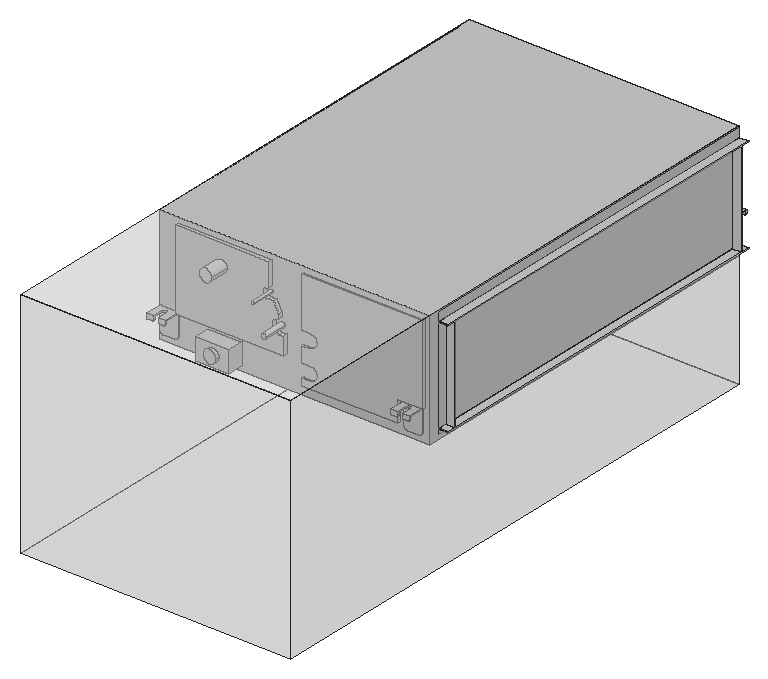
Revit family "outputfile", category 機械設備, Revit 2024
Family settings
  丸型コネクタ寸法 = 半径を使用
  パーツ タイプ = 標準
  OmniClass 番号 = 23.75.10.24.21.27.27
  OmniClass タイトル = Split System Air Conditioning Units
  作業面ベース = いいえ
  常に垂直 = はい
  ロード時にボイドで切り取り = いいえ
  注釈の向きを維持 = いいえ
  共有 = いいえ
  部屋計算ポイント = はい
Parameters (values of type "FXMQ50PBV1")
  製造元 = "Daikin"
  書き出し IFC クラス(タイプ) = "IfcUnitaryEquipmentType"
  定義済み IFC タイプ(タイプ) = "AIRCONDITIONINGUNIT"
  モデル = "FXMQ50PBV1"
  r_Liquid Pipe Size = Liquid Pipe Size / 2  # 3.2 mm
  r_Gas Pipe Size = Gas Pipe Size / 2  # 6.35 mm
  r_Drain Pipe Size = Drain Pipe Size / 2  # 16.0 mm
  lw_power = 396.0 mm  # constant formula
  lh_SA = 165.0 mm  # constant formula
  lw_SA = if(Depth = 550.0 mm, 210.0 mm, if(Depth = 700.0 mm, 285.0 mm, if(Depth = 1000.0 mm, 435.0 mm, 635.0 mm)))  # 435.0 mm
  lw_RA = if(Depth = 550.0 mm, 288.0 mm, if(Depth = 700.0 mm, 363.0 mm, if(Depth = 1000.0 mm, 513.0 mm, 713.0 mm)))  # 513.0 mm
  lh_power = 60.0 mm + [h***]  # 60.0 mm
  lh_mountinghole1 = lh_mountinghole + [h***]  # 80.0 mm
  lh_RA = 150.0 mm  # constant formula
  ld_power = Depth / 2  # 500.0 mm
  Voltage_comment_60Hz = "220-240"
  Voltage_comment_50Hz = "220-240"
  Voltage_60Hz = 220 V
  Voltage_50Hz = 220 V
  Supply Air Direction [instance] = yes
  Phase_60Hz = 1
  Phase_50Hz = 1
  Minimum External Static Pressure = 50.00 Pa
  Minimum Circuit Amps_60Hz = 1.6 A
  Minimum Circuit Amps_50Hz = 1.6 A
  Maximum Fuse Amps_60Hz = 16.0 A
  Maximum Fuse Amps_50Hz = 16.0 A
  Maximum External Static Pressure = 200.00 Pa
  Material_Casing = DAIKIN_GalvanizedSteel_Casing_indoorunit
  lw_mountinghole = 631.0 mm  # constant formula
  lh_gaspipe = 144.0 mm + [h***]  # 144.0 mm
  lh_mountinghole = 80.0 mm  # constant formula
  lh_liquidpipe = 212.0 mm + [h***]  # 212.0 mm
  lh_drainpipe = 232.0 mm + [h***]  # 232.0 mm
  lh_antena = Height - lh_mountinghole + 1.0 mm  # 221.0 mm
  ld_drainpipe = Depth / 2 + 59.0 mm  # 559.0 mm
  ld_liquidpipe = 560.0 mm
  ld_gaspipe = 560.0 mm
  ld_mountinghole = Depth + 38.0 mm  # 1038.0 mm
  h*** = 0.0 mm  # constant formula
  lw_liquidpipe = 290.0 mm  # constant formula
  lw_gaspipe = 318.0 mm  # constant formula
  lw_drainpipe = 167.0 mm  # constant formula
  Width = 700.0 mm
  Version = "ver.1.0"
  Unit Type = "Duct_M.S.P."
  Unit Mass Weight = 35.00 kg
  Unit Designation [instance] = ""
  Uniclass2015Version = "Products v1.30"
  Uniclass2015Title = "Variable refrigerant flow units"
  Uniclass2015Code = "Pr_70_65_03_94"
  Total Heating Capacity [instance] = 0.000 kW
  Total Cooling Capacity [instance] = 0.000 kW
  Sound Pressure Level_L speed (dBA) = 37
  Sound Pressure Level_H speed (dBA) = 39
  Series = "VRV Fan Coil Unit"
  Sensible Cooling Capacity [instance] = 0.000 kW
  SA Duct Size Width = if(Depth = 550.0 mm, 310.0 mm, if(Depth = 700.0 mm, 460.0 mm, if(Depth = 1000.0 mm, 760.0 mm, 1160.0 mm)))  # 760.0 mm
  SA Duct Size Height = 215.0 mm
  Refrigerant Type = "R410A"
  RA Duct Size Width = if(Depth = 550.0 mm, 475.0 mm, if(Depth = 700.0 mm, 625.0 mm, if(Depth = 1000.0 mm, 925.0 mm, 1325.0 mm)))  # 925.0 mm
  RA Duct Size Height = 247.0 mm
  Power Input (Heating) = 0.116 kW
  Power Input (Cooling) = 0.128 kW
  Option Accessory 3 [instance] = ""
  Option Accessory 2 [instance] = ""
  Option Accessory 1 [instance] = ""
  Nominal Heating Capacity = 6.300 kW
  Nominal Cooling Capacity = 5.600 kW
  Minimum Airflow = 900.00 m³/h
  Median Airflow = 0.00 m³/h
  Maximum Airflow = 990.00 m³/h
  Load Classification = HVAC
  Liquid Pipe Size = 6.4 mm
  Link_Nested Family [instance] = ""
  IfcVersion = ""
  IfcExportType = "AIRCONDITIONINGUNIT"
  IfcExportAs = "IfcUnitaryEquipmentType"
  Height = 300.0 mm
  Heating Entering Wet Bulb Temperature [instance] = 0.00 °C
  Heating Entering Dry Bulb Temperature [instance] = 0.00 °C
  Heating Ambient Wet Bulb Temperature [instance] = 0.00 °C
  Heating Ambient Dry Bulb Temperature [instance] = 0.00 °C
  Heat Exchanger Type = "Cross Fin Coil"
  Gas Pipe Size = 12.7 mm
  Frequency_60Hz = 60 Hz
  Frequency_50Hz = 50 Hz
  Fan Type = "Sirocco Fan"
  Fan Drive = "Direct Drive"
  FCU Tag No. [instance] = ""
  Drain Pipe Size = 32.0 mm
  Design Supply Airflow [instance] = 0.00 m³/h
  Design Return Airflow [instance] = 0.00 m³/h
  Design External Static Pressure [instance] = 0.00 Pa
  Depth = 1000.0 mm
  既定の高さ = 0.0 mm
  Cooling Entering Wet Bulb Temperature [instance] = 0.00 °C
  Cooling Entering Dry Bulb Temperature [instance] = 0.00 °C
  Cooling Ambient Wet Bulb Temperature [instance] = 0.00 °C
  Cooling Ambient Dry Bulb Temperature [instance] = 0.00 °C
  Clearance visibility [instance] = yes
  Clearance Top = 0.0 mm
  Clearance Right = 0.0 mm
  Clearance Rear = 0.0 mm
  Clearance Left = 0.0 mm
  Clearance Front = 450.0 mm
  Clearance Bottom = 300.0 mm
Reference planes
  plane 1 "Center (Front/Back)": y = 0
  plane 2 "h": z = 0
  plane 3 "Center (Left/Right)": x = 0
  plane 4 "Back": y = 500
  plane 5 "Front": y = -500
  plane 6 "Left": x = -350
  plane 7 "Reight": x = 350
  plane 8 "Top": z = 0
  plane 9 "Bottom": z = -300
  plane 10: y = -215
  plane 11: y = 500
  plane 12: y = -950
  plane 13: x = -350
  plane 14: x = 350
  plane 15: z = 0
  plane 16: z = -600
  plane 17: x = -350
  plane 18: z = -135
  plane 19: x = -349
  plane 20: x = 349
  plane 21: y = 65
  plane 22: y = 13
  plane 23: z = -150
  plane 24: y = -510.8
  plane 25: z = -14
  plane 26: z = -219
  plane 27: x = -60
  plane 28: x = -20
  plane 29: z = -156
  plane 30: x = -32
  plane 31: z = -88
  plane 32: x = 23
  plane 33: x = 335
  plane 34: z = -15.8
  plane 35: z = -274.8
  plane 36: z = -219.8
  plane 37: x = 271
  plane 38: x = -223.3
  plane 39: x = -138.3
  plane 40: z = -232.7
  plane 41: z = -288.5
  plane 42: y = -541
  plane 43: x = -181
  plane 44: z = -260
  plane 45: y = -549
  plane 46: z = -163.8
  plane 47: z = -239.8
  plane 48: x = 46
  plane 49: z = -88
  plane 50: x = -60
  plane 51: y = -560
  plane 52: z = -156
  plane 53: x = -32
  plane 54: y = -559
  plane 55: z = -68
  plane 56: x = -183
  plane 57: x = -183
  plane 58: x = -60
  plane 59: x = -32
  plane 60: x = 46
  plane 61: x = -323
  plane 62: x = 308
  plane 63: y = -519
  plane 64: y = 519
  plane 65: z = -220
  plane 66: y = -506
  plane 67: x = -298.5
  plane 68: x = -374
  plane 69: x = 374
Forms (mm)
  Extrusion 1, solid, material "DAIKIN_GalvanizedSteel_Casing_indoorunit" <- "Material_Casing"
    sketch origin (0, 0, 0) x (1, 0, 0) y (0, 1, 0)
      loop
        line (-349, 500) -> (-349, -500) -> (349, -500) -> (349, 500) -> (-349, 500)
    from -300 to 0
  Extrusion 2, solid, material "DAIKIN_GalvanizedSteel_Casing_indoorunit" <- "Material_Casing"
    sketch origin (0, 0, 0) x (1, 0, 0) y (0, 0, 1)
      loop
        line (-298.5, -219) -> (-20, -219) -> (-20, -173.5) -> (-32, -173.5)
        arc (-32, -173.5) -> (-49.471, -157.002) -> (-34, -138.615) r 17.5
        line (-34, -138.615) -> (-34, -127.5) -> (-47, -101) -> (-60, -101)
        arc (-60, -101) -> (-73, -88) -> (-60, -75) r 13
        line (-60, -75) -> (-60, -14) -> (-298.5, -14) -> (-298.5, -219)
    from 500 to 510.8
  Extrusion 3, solid, material "DAIKIN_GalvanizedSteel_Casing_indoorunit" <- "Material_Casing"
    sketch origin (0, 0, 0) x (1, 0, 0) y (0, 0, 1)
      loop
        line (23, -274.8) -> (271, -274.8) -> (271, -219.8) -> (335, -219.8) -> (335, -15.8) -> (23, -15.8) -> (23, -146.3) -> (46, -146.3)
        arc (46, -146.3) -> (63.5, -163.8) -> (46, -181.3) r 17.5
        line (46, -181.3) -> (23, -181.3) -> (23, -222.3) -> (46, -222.3)
        arc (46, -222.3) -> (63.5, -239.8) -> (46, -257.3) r 17.5
        line (46, -257.3) -> (23, -257.3) -> (23, -274.8)
    from 500 to 506
  Extrusion 4, solid, material "DAIKIN_GalvanizedSteel_Casing_indoorunit" <- "Material_Casing"
    sketch origin (0, 0, 0) x (1, 0, 0) y (0, 0, 1)
      loop
        line (-223.3, -232.7) -> (-223.3, -288.5) -> (-138.3, -288.5) -> (-138.3, -232.7) -> (-223.3, -232.7)
    from 500 to 541
  Extrusion 5, solid, material "DAIKIN_GalvanizedSteel_Casing_indoorunit" <- "Material_Casing"
    sketch origin (0, 0, 0) x (1, 0, 0) y (0, 0, 1)
      loop
        circle (-181, -260) r 16.5
    from 541 to 549
  Extrusion 6, solid
    sketch origin (0, 0, 0) x (1, 0, 0) y (0, 0, 1)
      loop
        circle (-60, -88) r 3.2
    from 500 to 560
  Extrusion 7, solid
    sketch origin (0, 0, 0) x (1, 0, 0) y (0, 0, 1)
      loop
        circle (-32, -156) r 6.35
    from 500 to 560
  Extrusion 8, solid
    sketch origin (0, 0, 0) x (1, 0, 0) y (0, 0, 1)
      loop
        circle (-183, -68) r 16
    from 510.8 to 559
Dimensions and locks
  "Height": plane 8 "Top" to plane 9 "Bottom"
  equal spacing: plane 4 "Back", plane 1 "Center (Front/Back)", plane 5 "Front"
  "Depth": plane 4 "Back" to plane 5 "Front"
  equal spacing: plane 6 "Left", plane 3 "Center (Left/Right)", plane 7 "Reight"
  "Width": plane 6 "Left" to plane 7 "Reight"
  "Clearance Left": plane 13 to plane 6 "Left"
  "Clearance Right": plane 7 "Reight" to plane 14
  "Clearance Rear": plane 11 to plane 4 "Back"
  "Clearance Front": plane 5 "Front" to plane 12
  "Clearance Top": plane 15 to plane 8 "Top"
  "Clearance Bottom": plane 9 "Bottom" to plane 16
  "lh_SA": plane 18 to plane 9 "Bottom"
  locked: plane 17 to plane 19 at 1
  "lw_SA": plane 4 "Back" to plane 21
  "lw_RA": plane 22 to plane 5 "Front"
  "lh_RA": plane 23 to plane 9 "Bottom"
  locked: plane 5 "Front" to plane 24 at 10.8
  plane 30 to plane 27 to plane 6 "Left" = 28.0 mm locked, 290.0 mm locked
  plane 33 to plane 32 to plane 6 "Left" = 312.0 mm locked, 373.0 mm locked
  locked: plane 33 to plane 37 at 64
  locked: plane 36 to plane 35 at 55
  plane 39 to plane 38 to plane 6 "Left" = 85.0 mm locked, 126.7 mm locked
  locked: plane 5 "Front" to plane 42 at 41
  locked: plane 43 to plane 6 "Left" at 169
  locked: plane 42 to plane 45 at 8
  plane 46 to plane 47 to plane 35 = 76.0 mm locked, 35.0 mm locked
  locked: plane 48 to plane 32 at 23
  "lw_liquidpipe": plane 50 to plane 6 "Left"
  "lh_liquidpipe": plane 49 to plane 9 "Bottom"
  "lh_gaspipe": plane 52 to plane 9 "Bottom"
  "lw_gaspipe": plane 53 to plane 6 "Left"
  "ld_gaspipe": plane 51 to plane 1 "Center (Front/Back)"
  "ld_drainpipe": plane 54 to plane 1 "Center (Front/Back)"
  "lh_drainpipe": plane 55 to plane 9 "Bottom"
  "lw_drainpipe": plane 56 to plane 6 "Left"
  "lw_drainpipe": plane 6 "Left" to plane 57
  "lw_liquidpipe": plane 6 "Left" to plane 58
  "lw_gaspipe": plane 6 "Left" to plane 59
  "lw_power": plane 6 "Left" to plane 60
  plane 17 to plane 61 = 27.0 mm
  "lw_mountinghole": plane 61 to plane 62
  equal spacing: plane 63, plane 1 "Center (Front/Back)", plane 64
  "ld_mountinghole": plane 64 to plane 63
  "lh_mountinghole": plane 65 to plane 9 "Bottom"
  plane 8 "Top" to plane 40 to plane 41 = 232.7 mm locked, 55.8 mm locked
  locked: plane 8 "Top" to plane 44 at 260
  plane 8 "Top" to plane 25 to plane 26 = 14.0 mm locked, 205.0 mm locked
  plane 8 "Top" to plane 31 to plane 29 = 88.0 mm locked, 68.0 mm locked
  plane 8 "Top" to plane 34 to plane 35 = 15.8 mm locked, 259.0 mm locked
  locked: plane 5 "Front" to plane 66 at 6
  locked: plane 68 to plane 6 "Left" at 24
  locked: plane 7 "Reight" to plane 69 at 24
  locked: plane 67 to plane 13 at 51.5
  locked: plane 28 to plane 30 at 12
  locked: Extrusion 2 sketch curve to plane 27 at 26
  plane 5 "Front" to plane 51 = 60.0 mm
  plane 5 "Front" to plane 54 = 59.0 mm
  locked: plane 20 to plane 7 "Reight" at 1
  "r_Liquid Pipe Size": radius of Extrusion 6 sketch curve
  "r_Gas Pipe Size": radius of Extrusion 7 sketch curve
  "r_Drain Pipe Size": radius of Extrusion 8 sketch curve
  aligned and locked: level to plane 2 "h"
  aligned and locked: plane 8 "Top" to Extrusion 1
  aligned and locked: Extrusion 1 to plane 9 "Bottom"
  aligned and locked: nested 5 to plane 12
  aligned and locked: plane 13 to nested 5
  aligned and locked: plane 14 to nested 5
  aligned and locked: nested 5 to plane 13
  aligned and locked: plane 11 to nested 5
  aligned and locked: plane 15 to nested 5
  aligned and locked: plane 16 to nested 5
  aligned and locked: plane 5 "Front" to Extrusion 1 sketch curve
  aligned and locked: Extrusion 1 to plane 19
  aligned and locked: plane 20 to Extrusion 1
  aligned and locked: nested 7 to plane 19
  aligned and locked: nested 7 to plane 21
  aligned and locked: plane 18 to nested 7
  aligned and locked: plane 20 to nested 8
  aligned and locked: plane 22 to nested 8
  aligned and locked: plane 23 to nested 8
  aligned and locked: Extrusion 2 to plane 24
  aligned and locked: plane 5 "Front" to Extrusion 2
  aligned and locked: plane 35 to Extrusion 3 sketch curve
  aligned and locked: plane 37 to Extrusion 3 sketch curve
  aligned and locked: plane 36 to Extrusion 3 sketch curve
  aligned and locked: Extrusion 3 sketch curve to plane 33
  aligned and locked: Extrusion 3 sketch curve to plane 34
  aligned and locked: Extrusion 3 sketch curve to plane 32
  aligned and locked: plane 5 "Front" to Extrusion 3
  aligned and locked: Extrusion 4 sketch curve to plane 40
  aligned and locked: Extrusion 4 sketch curve to plane 38
  aligned and locked: plane 41 to Extrusion 4 sketch curve
  aligned and locked: plane 39 to Extrusion 4 sketch curve
  aligned and locked: Extrusion 4 to plane 42
  aligned and locked: plane 5 "Front" to Extrusion 4
  aligned and locked: Extrusion 5 sketch curve to plane 43
  aligned and locked: plane 44 to Extrusion 5 sketch curve
  aligned and locked: Extrusion 5 to plane 45
  aligned and locked: plane 42 to Extrusion 5
  aligned and locked: Extrusion 6 sketch curve to plane 50
  aligned and locked: plane 49 to Extrusion 6 sketch curve
  aligned and locked: Extrusion 6 to plane 51
  aligned and locked: plane 5 "Front" to Extrusion 6
  aligned and locked: Extrusion 7 sketch curve to plane 53
  aligned and locked: plane 52 to Extrusion 7 sketch curve
  aligned and locked: Extrusion 7 to Extrusion 6
  aligned and locked: plane 5 "Front" to Extrusion 7
  aligned and locked: Extrusion 8 sketch curve to plane 56
  aligned and locked: Extrusion 8 sketch curve to plane 55
  aligned and locked: Extrusion 8 to plane 54
  aligned and locked: plane 24 to Extrusion 8
  aligned and locked: nested 3 to plane 54
  aligned and locked: plane 57 to nested 3
  aligned and locked: plane 58 to nested 2
  aligned and locked: nested 2 to plane 51
  aligned and locked: nested 1 to plane 59
  aligned and locked: Extrusion 7 to plane 51
  aligned and locked: nested 1 to plane 51
  aligned and locked: nested 6 to plane 5 "Front"
  aligned and locked: nested 6 to plane 60
  aligned and locked: plane 61 to nested 10
  aligned and locked: nested 10 to plane 5 "Front"
  aligned and locked: plane 62 to nested 9
  aligned and locked: nested 9 to plane 5 "Front"
  aligned and locked: nested 11 to plane 61
  aligned and locked: plane 4 "Back" to nested 11
  aligned and locked: nested 12 to plane 62
  aligned and locked: plane 4 "Back" to nested 12
  aligned and locked: plane 65 to nested 10
  aligned and locked: plane 65 to nested 11
  aligned and locked: plane 65 to nested 9
  aligned and locked: plane 65 to nested 12
  aligned and locked: plane 61 to nested 14
  aligned and locked: nested 14 to plane 64
  aligned and locked: plane 62 to nested 13
  aligned and locked: nested 13 to plane 64
  aligned and locked: plane 62 to nested 16
  aligned and locked: plane 63 to nested 16
  aligned and locked: plane 63 to nested 15
  aligned and locked: plane 61 to nested 15
  aligned and locked: Extrusion 3 to plane 66
  aligned and locked: plane 67 to Extrusion 2 sketch curve
  aligned and locked: nested 17 to plane 21
  aligned and locked: nested 17 to plane 68
  aligned and locked: plane 18 to nested 17
  aligned and locked: plane 22 to nested 18
  aligned and locked: plane 69 to nested 18
  aligned and locked: nested 18 to plane 23
  aligned and locked: nested 4 to plane 3 "Center (Left/Right)"
  aligned and locked: plane 1 "Center (Front/Back)" to nested 4
  aligned and locked: level to plane 8 "Top"
  aligned and locked: Extrusion 2 sketch curve to plane 28
  aligned and locked: Extrusion 2 sketch curve to plane 26
Automatic sketch dimensions
  plane 6 "Left" to Extrusion 1 sketch curve = 1.0 mm
  Extrusion 1 sketch curve to plane 7 "Reight" = 1.0 mm
  Extrusion 1 sketch curve to plane 4 "Back" = 0.0 mm
  Extrusion 3 sketch curve to plane 32 = 0.0 mm  (x2)
  Extrusion 3 sketch curve to plane 46 = 0.0 mm
  Extrusion 3 sketch curve to plane 48 = 0.0 mm  (x2)
  Extrusion 3 sketch curve to plane 47 = 0.0 mm
  Extrusion 3 sketch curve to plane 36 = 2.5 mm
  plane 23 to Extrusion 3 sketch curve = 3.7 mm
  Extrusion 2 sketch curve to plane 25 = 0.0 mm
  plane 27 to Extrusion 2 sketch curve = 0.0 mm
  Extrusion 2 sketch curve to plane 30 = 0.0 mm
  Extrusion 2 sketch curve to plane 29 = 0.0 mm
  Extrusion 2 sketch curve to plane 31 = 0.0 mm
  Extrusion 2 sketch curve to Extrusion 2 sketch curve = 13.0 mm
  Extrusion 2 sketch curve to plane 29 = 17.5 mm
  Extrusion 2 sketch curve to plane 31 = 13.0 mm
  plane 18 to Extrusion 2 sketch curve = 7.5 mm
  radius of Extrusion 5 sketch curve = 16.5 mm
Nested families
  nested 1: "daikin_connector_rotate2" at (-32, 0, -156), length <- "ld_gaspipe", built-in parameter 1001364 <- "lh_gaspipe", radius <- "r_Gas Pipe Size", type "daikin_connector_rotate2"
    with radius 6.35 mm, length 560.0 mm, angle_vertical 90.00°
  nested 2: "daikin_connector_rotate2" at (-60, 0, -88), length <- "ld_liquidpipe", built-in parameter 1001364 <- "lh_liquidpipe", radius <- "r_Liquid Pipe Size", type "daikin_connector_rotate2"
    with radius 3.2 mm, length 560.0 mm, angle_vertical 90.00°
  nested 3: "daikin_connector_rotate2" at (-183, 0, -68), length <- "ld_drainpipe", built-in parameter 1001364 <- "lh_drainpipe", radius <- "r_Drain Pipe Size", type "daikin_connector_rotate2"
    with radius 16.0 mm, length 559.0 mm, angle_vertical 90.00°
  nested 4: "daikin_△_symbolicline" at (0, 0, 300) x (0, -1, 0) z (0, 0, 1), built-in parameter 1001364 <- "Height", visible <- "Supply Air Direction", type "daikin_△_symbolicline"
    with length 200.0 mm
  nested 5: "daikin_clearancespace" at (0, -225, -299.881), visible <- "Clearance visibility", show <- "Clearance visibility", Link_Nested Family <- "Link_Nested Family", type "daikin_clearancespace"
    with width 700.0 mm, show yes, height 600.0 mm, depth 1450.0 mm, Link_Nested Family ""
  nested 6: "daikin_connector_rotate2" at (46, 0, -240), built-in parameter 1001364 <- "lh_power", length <- "ld_power", type "daikin_connector_rotate2"
    with radius 10.0 mm, length 500.0 mm, angle_vertical 90.00°
  nested 7: "daikin_ductflange_FXMQ-PBV1_2" at (-349, 65, -135) x (0, -1, 0) z (0, 0, 1), type "daikin_ductflange_FXMQ-PBV1_2"
    with width 760.0 mm, w 1000.0 mm
  nested 8: "daikin_ductflange_FXMQ-PBV1_1" at (349, 13, -150) x (0, 1, 0) z (0, 0, 1), type "daikin_ductflange_FXMQ-PBV1_1"
    with width 925.0 mm, w 1000.0 mm
  nested 9: "daikin_hangerfixture_FXMQ-PBV1" at (308, -500, -220), type "daikin_hangerfixture_FXMQ-PBV1"
  nested 10: "daikin_hangerfixture_FXMQ-PBV1" at (-323, -500, -220), type "daikin_hangerfixture_FXMQ-PBV1"
  nested 11: "daikin_hangerfixture_FXMQ-PBV1" at (-323, 500, -220) x (-1, 0, 0) z (0, 0, 1), type "daikin_hangerfixture_FXMQ-PBV1"
  nested 12: "daikin_hangerfixture_FXMQ-PBV1" at (308, 500, -220) x (-1, 0, 0) z (0, 0, 1), type "daikin_hangerfixture_FXMQ-PBV1"
  nested 13: "daikin_mountinghole" at (308, 519, -300), h_mountinghole <- "lh_mountinghole1", l_antenna <- "lh_antena", Link_Nested Family <- "Link_Nested Family", type "daikin_mountinghole"
    with show yes, l_antenna 221.0 mm, h_mountinghole 80.0 mm, Link_Nested Family ""
  nested 14: "daikin_mountinghole" at (-323, 519, -300), h_mountinghole <- "lh_mountinghole1", l_antenna <- "lh_antena", Link_Nested Family <- "Link_Nested Family", type "daikin_mountinghole"
    with show yes, l_antenna 221.0 mm, h_mountinghole 80.0 mm, Link_Nested Family ""
  nested 15: "daikin_mountinghole" at (-323, -519, -300), h_mountinghole <- "lh_mountinghole1", l_antenna <- "lh_antena", Link_Nested Family <- "Link_Nested Family", type "daikin_mountinghole"
    with show yes, l_antenna 221.0 mm, h_mountinghole 80.0 mm, Link_Nested Family ""
  nested 16: "daikin_mountinghole" at (308, -519, -300), h_mountinghole <- "lh_mountinghole1", l_antenna <- "lh_antena", Link_Nested Family <- "Link_Nested Family", type "daikin_mountinghole"
    with show yes, l_antenna 221.0 mm, h_mountinghole 80.0 mm, Link_Nested Family ""
  nested 17: "daikin_connector_rotate2" at (-350, 65, -135) x (0, -1, 0) z (0, 0, 1), type "daikin_connector_rotate2"
    with radius 10.0 mm, length 24.0 mm, angle_vertical 90.00°
  nested 18: "daikin_connector_rotate2" at (350, 13, -150) x (0, 1, 0) z (0, 0, 1), type "daikin_connector_rotate2"
    with radius 10.0 mm, length 24.0 mm, angle_vertical 90.00°
Connectors
  piping at (-183, -559, -68), diameter 32, driven by "r_Drain Pipe Size"
    settings: on nested 3, index 3, connector inside diameter 609.6 mm, connector length 0.0 mm, flow factor 0, pipe flow 0.00 m³/h, pressure drop 0.0 Pa, fitting loss kfactor 0, connector angle 0.00°, fixture units 0, engagement length 0.0 mm, angle of deflection 0.00°, flow configuration 1, flow direction 2, fitting loss method 4, system type 16, joint type 0, gender type 0, connector reference index -1, connector utility 0, adjustable connector no, is connector primary yes, connector description "Condensate Drain Piping"
  piping at (-32, -560, -156), diameter 12.7, driven by "r_Gas Pipe Size"
    settings: on nested 1, index 4, connector inside diameter 609.6 mm, connector length 0.0 mm, flow factor 0, pipe flow 0.00 m³/h, pressure drop 0.0 Pa, fitting loss kfactor 0, connector angle 0.00°, fixture units 0, engagement length 0.0 mm, angle of deflection 0.00°, flow configuration 1, flow direction 2, fitting loss method 0, system type 29, joint type 0, gender type 0, connector reference index -1, connector utility 0, adjustable connector no, is connector primary no, connector description "Refrigerant Gas Piping"
  piping at (-60, -560, -88), diameter 6.4, driven by "r_Liquid Pipe Size"
    settings: on nested 2, index 5, connector inside diameter 609.6 mm, connector length 0.0 mm, flow factor 0, pipe flow 0.00 m³/h, pressure drop 0.0 Pa, fitting loss kfactor 0, connector angle 0.00°, fixture units 0, engagement length 0.0 mm, angle of deflection 0.00°, flow configuration 1, flow direction 1, fitting loss method 0, system type 29, joint type 0, gender type 0, connector reference index -1, connector utility 0, adjustable connector no, is connector primary no, connector description "Refrigerant Liquid Piping"
  electrical at (46, -500, -240), driven by "Load Classification"
    settings: on nested 6, index 6, voltage 0 V, apparent load 0 VA, apparent load phase1 0 VA, apparent load phase2 0 VA, apparent load phase3 0 VA, power factor 1, load classification "HVAC", number of poles 1, system type 30, power factor state 1, is connector primary yes, connector utility no, sub classification motor no, connector description "Power Supply"
  hvac at (-374, 65, -135), driven by "SA Duct Size Height", driven by "SA Duct Size Width"
    settings: on nested 17, index 7, duct flow 0.00 m³/h, flow factor 0, pres drop 0.00 Pa, loss coef 0, conn angle 0.00°, conn width 760.0 mm, conn height 215.0 mm, conn diameter 609.6 mm, duct sys type 1, conn prof type 1, flow config 0, flow direction 2, loss method 4, conn ref index -1, conn util no, is conn primary yes, conn desc "SA Duct"
  hvac at (374, 13, -150), driven by "RA Duct Size Height", driven by "RA Duct Size Width"
    settings: on nested 18, index 8, duct flow 0.00 m³/h, flow factor 0, pres drop 0.00 Pa, loss coef 0, conn angle 0.00°, conn width 925.0 mm, conn height 247.0 mm, conn diameter 609.6 mm, duct sys type 2, conn prof type 1, flow config 0, flow direction 1, loss method 4, conn ref index -1, conn util no, is conn primary no, conn desc "RA Duct"
Definition of nested family "daikin_clearancespace"
  Parameters (values of type "daikin_clearancespace")
    Description = "daikin_clearancespace"
    width [instance] = 1823.963 mm
    show [instance] = yes
    material = none
    height [instance] = 1359.762 mm
    depth [instance] = 880.0 mm
    Default Elevation = 0.0 mm
    Link_Nested Family [instance] = ""
  Reference planes
    plane 1 "Center (Front/Back)": y = 0
    plane 2 "Center (Elevation)": z = -0.119
    plane 3 "Center (Left/Right)": x = 0
    plane 4: y = 440
    plane 5: y = -440
    plane 6 "Right": x = 911.982
    plane 7 "Left": x = -911.982
    plane 8 "Top": z = 679.762
    plane 9 "Bottom": z = -680
  Forms (mm)
    Extrusion 1, solid, material <- "material", visible <- "show"
      sketch origin (0, 0, 0) x (1, 0, 0) y (0, 1, 0)
        loop
          line (-911.982, 440) -> (-911.982, -440) -> (911.982, -440) -> (911.982, 440) -> (-911.982, 440)
      from -680 to 679.762
  Lines and regions (mm)
    symbolic lines, visible <- "show"
      curve 1: line (911.982, 440, 0) -> (-911.982, 440, 0)
      curve 2: line (-911.982, 440, 0) -> (-911.982, -440, 0)
      curve 3: line (-911.982, -440, 0) -> (911.982, -440, 0)
      curve 4: line (911.982, -440, 0) -> (911.982, 440, 0)
      curve 5: line (911.982, 0, 679.762) -> (-911.982, 0, 679.762)
      curve 6: line (911.982, 0, -680) -> (911.982, 0, 679.762)
      curve 7: line (-911.982, 0, -680) -> (911.982, 0, -680)
      curve 8: line (-911.982, 0, 679.762) -> (-911.982, 0, -680)
      curve 9: line (0, 440, 679.762) -> (0, -440, 679.762)
      curve 10: line (0, -440, 679.762) -> (0, -440, -680)
      curve 11: line (0, 440, -680) -> (0, 440, 679.762)
      curve 12: line (0, -440, -680) -> (0, 440, -680)
  Dimensions and locks
    "width": plane 7 "Left" to plane 6 "Right"
    "depth": plane 4 to plane 5
    "height": plane 8 "Top" to plane 9 "Bottom"
    equal spacing: plane 7 "Left", plane 3 "Center (Left/Right)", plane 6 "Right"
    equal spacing: plane 4, plane 1 "Center (Front/Back)", plane 5
    equal spacing: plane 8 "Top", plane 2 "Center (Elevation)", plane 9 "Bottom"
    aligned and locked: level to plane 2 "Center (Elevation)"
    aligned and locked: Extrusion 1 sketch curve to plane 4
    aligned and locked: plane 7 "Left" to Extrusion 1 sketch curve
    aligned and locked: Extrusion 1 sketch curve to plane 5
    aligned and locked: Extrusion 1 sketch curve to plane 6 "Right"
    aligned and locked: plane 8 "Top" to Extrusion 1
    aligned and locked: curve 1 to Extrusion 1
    aligned and locked: curve 2 to Extrusion 1
    aligned and locked: curve 3 to Extrusion 1
    aligned and locked: curve 4 to Extrusion 1
    aligned and locked: curve 5 to Extrusion 1
    aligned and locked: curve 6 to Extrusion 1
    aligned and locked: curve 7 to Extrusion 1
    aligned and locked: curve 8 to Extrusion 1
    aligned and locked: curve 9 to Extrusion 1
    aligned and locked: curve 10 to Extrusion 1
    aligned and locked: curve 11 to Extrusion 1
    aligned and locked: curve 12 to Extrusion 1
    aligned and locked: Extrusion 1 to plane 9 "Bottom"
Definition of nested family "daikin_ductflange_FXMQ-PBV1_2"
  Parameters (values of type "daikin_ductflange_FXDSQ-AVM2")
    width = if(w = 550.0 mm, 310.0 mm, if(w = 700.0 mm, 460.0 mm, if(w = 1000.0 mm, 760.0 mm, 1160.0 mm)))  # 310.0 mm
    material = none
    height = 215.0 mm
    depth = 1.0 mm
    w = 550.0 mm
    Default Elevation = 0.0 mm
  Reference planes
    plane 1 "Center (Front/Back)": y = 0
    plane 2: z = 0
    plane 3 "Center (Left/Right)": x = 0
    plane 4: z = 107.5
    plane 5: z = -107.5
    plane 6: y = -25
    plane 7: z = 132.5
    plane 8: z = 108.5
    plane 9: y = -1
    plane 10: x = -177.5
    plane 11: x = 177.5
    plane 12: z = -132.5
    plane 13: z = -108.5
    plane 14: y = -1
    plane 15: x = 155
    plane 16: x = -155
    plane 17: x = 156
    plane 18: z = 106.5
    plane 19: z = -106.5
    plane 20: x = -156
    plane 21: z = 106.5
    plane 22: z = -106.5
    plane 23: y = -1
  Forms (mm)
    Extrusion 1, solid, material <- "material"
      sketch origin (0, 0, 0) x (0, 1, 0) y (0, 0, 1)
        loop
          line (-25, 107.5) -> (0, 107.5) -> (0, 132.5) -> (-1, 132.5) -> (-1, 108.5) -> (-25, 108.5) -> (-25, 107.5)
      from -177.5 to 177.5
    Extrusion 2, solid, material <- "material"
      sketch origin (0, 0, 0) x (0, 1, 0) y (0, 0, 1)
        loop
          line (-25, -107.5) -> (-25, -108.5) -> (-1, -108.5) -> (-1, -132.5) -> (0, -132.5) -> (0, -107.5) -> (-25, -107.5)
      from -177.5 to 177.5
    Extrusion 3, solid, material <- "material"
      sketch origin (0, 0, 0) x (1, 0, 0) y (0, 0, 1)
        loop
          line (155, 107.5) -> (155, -107.5) -> (177.5, -107.5) -> (177.5, -106.5) -> (156, -106.5) -> (156, 106.5) -> (177.5, 106.5) -> (177.5, 107.5) -> (155, 107.5)
      from 0 to 25
    Extrusion 4, solid, material <- "material"
      sketch origin (0, 0, 0) x (1, 0, 0) y (0, 0, 1)
        loop
          line (-177.5, 107.5) -> (-177.5, 106.5) -> (-156, 106.5) -> (-156, -106.5) -> (-177.5, -106.5) -> (-177.5, -107.5) -> (-155, -107.5) -> (-155, 107.5) -> (-177.5, 107.5)
      from 0 to 25
    Extrusion 5, solid, material <- "material"
      sketch origin (0, 0, 0) x (1, 0, 0) y (0, 0, 1)
        loop
          line (-177.5, 107.5) -> (-177.5, -107.5) -> (-155, -107.5) -> (-155, 107.5) -> (-177.5, 107.5)
        loop
          line (177.5, 107.5) -> (155, 107.5) -> (155, -107.5) -> (177.5, -107.5) -> (177.5, 107.5)
      from 0 to 1
  Cuts and joins
    joined: Extrusion 1, Extrusion 2, Extrusion 3, Extrusion 4, Extrusion 5
  Dimensions and locks
    plane 4 to level to plane 5 = 107.5 mm locked, 107.5 mm locked
    locked: plane 6 to plane 1 "Center (Front/Back)" at 25
    locked: plane 9 to plane 1 "Center (Front/Back)" at 1
    locked: plane 8 to plane 4 at 1
    locked: plane 11 to plane 15 at 22.5
    locked: plane 16 to plane 10 at 22.5
    locked: plane 17 to plane 15 at 1
    locked: plane 4 to plane 18 at 1
    locked: plane 19 to plane 5 at 1
    "width": plane 15 to plane 16
    plane 4 to plane 5 = 215.0 mm
    equal spacing: plane 15, plane 3 "Center (Left/Right)", plane 16
    locked: plane 16 to plane 20 at 1
    locked: plane 4 to plane 21 at 1
    locked: plane 22 to plane 5 at 1
    locked: plane 23 to plane 1 "Center (Front/Back)" at 1
    aligned and locked: level to plane 2
    aligned and locked: Extrusion 1 to plane 10
    aligned and locked: plane 11 to Extrusion 1
    aligned and locked: plane 5 to Extrusion 2
    aligned and locked: Extrusion 2 to plane 1 "Center (Front/Back)"
    aligned and locked: plane 15 to Extrusion 3 sketch curve
    aligned and locked: Extrusion 3 sketch curve to Extrusion 2  (x2)
    aligned and locked: Extrusion 3 sketch curve to plane 11
    aligned and locked: plane 6 to Extrusion 3
    aligned and locked: Extrusion 2 to plane 10
    aligned and locked: plane 11 to Extrusion 2
    aligned and locked: Extrusion 4 sketch curve to Extrusion 1  (x2)
    aligned and locked: plane 5 to Extrusion 4 sketch curve
    aligned and locked: Extrusion 4 sketch curve to plane 16
    aligned and locked: Extrusion 4 sketch curve to plane 22
    aligned and locked: plane 20 to Extrusion 4 sketch curve
    aligned and locked: plane 21 to Extrusion 4 sketch curve
    aligned and locked: Extrusion 4 to plane 1 "Center (Front/Back)"
    aligned and locked: plane 6 to Extrusion 4
    aligned and locked: Extrusion 5 sketch curve to Extrusion 1  (x4)
    aligned and locked: Extrusion 5 sketch curve to Extrusion 4  (x2)
    aligned and locked: Extrusion 5 sketch curve to Extrusion 3  (x2)
    aligned and locked: Extrusion 5 to plane 1 "Center (Front/Back)"
    aligned and locked: plane 23 to Extrusion 5
  Automatic sketch dimensions
    Extrusion 1 sketch curve to plane 6 = 0.0 mm
    Extrusion 1 sketch curve to plane 7 = 0.0 mm
    Extrusion 1 sketch curve to plane 9 = 0.0 mm
    Extrusion 1 sketch curve to plane 1 "Center (Front/Back)" = 0.0 mm
    Extrusion 1 sketch curve to plane 4 = 0.0 mm
    Extrusion 1 sketch curve to plane 8 = 0.0 mm
    Extrusion 2 sketch curve to plane 6 = 0.0 mm
    plane 12 to Extrusion 2 sketch curve = 0.0 mm
    Extrusion 2 sketch curve to plane 14 = 0.0 mm
    Extrusion 2 sketch curve to plane 1 "Center (Front/Back)" = 0.0 mm
    plane 13 to Extrusion 2 sketch curve = 0.0 mm
    Extrusion 2 sketch curve to plane 5 = 0.0 mm
    Extrusion 3 sketch curve to plane 17 = 0.0 mm
    Extrusion 3 sketch curve to plane 19 = 0.0 mm
    Extrusion 3 sketch curve to plane 18 = 0.0 mm
    Extrusion 3 sketch curve to plane 4 = 0.0 mm
    Extrusion 4 sketch curve to plane 10 = 0.0 mm
Definition of nested family "daikin_ductflange_FXMQ-PBV1_1"
  Parameters (values of type "daikin_ductflange_FXDSQ-AVM")
    width = if(w = 550.0 mm, 475.0 mm, if(w = 700.0 mm, 625.0 mm, if(w = 1000.0 mm, 925.0 mm, 1325.0 mm)))  # 475.0 mm
    material = none
    height = 247.0 mm
    depth = 1.0 mm
    w = 550.0 mm
    Default Elevation = 0.0 mm
  Reference planes
    plane 1 "Center (Front/Back)": y = 0
    plane 2: z = 0
    plane 3 "Center (Left/Right)": x = 0
    plane 4: z = 123.5
    plane 5: z = -123.5
    plane 6: y = -25
    plane 7: z = 146.5
    plane 8: z = 124.5
    plane 9: y = -1
    plane 10: x = -260
    plane 11: x = 260
    plane 12: z = -137
    plane 13: z = -124.5
    plane 14: y = -1
    plane 15: x = 237.5
    plane 16: x = -237.5
    plane 17: x = 238.5
    plane 18: z = 122.5
    plane 19: z = -122.5
    plane 20: x = -238.5
    plane 21: z = 122.5
    plane 22: z = -122.5
    plane 23: y = -1
  Forms (mm)
    Extrusion 1, solid, material <- "material"
      sketch origin (0, 0, 0) x (0, 1, 0) y (0, 0, 1)
        loop
          line (-25, 123.5) -> (0, 123.5) -> (0, 146.5) -> (-1, 146.5) -> (-1, 124.5) -> (-25, 124.5) -> (-25, 123.5)
      from -260 to 260
    Extrusion 2, solid, material <- "material"
      sketch origin (0, 0, 0) x (0, 1, 0) y (0, 0, 1)
        loop
          line (-25, -123.5) -> (-25, -124.5) -> (-1, -124.5) -> (-1, -137) -> (0, -137) -> (0, -123.5) -> (-25, -123.5)
      from -260 to 260
    Extrusion 3, solid, material <- "material"
      sketch origin (0, 0, 0) x (1, 0, 0) y (0, 0, 1)
        loop
          line (237.5, 123.5) -> (237.5, -123.5) -> (260, -123.5) -> (260, -122.5) -> (238.5, -122.5) -> (238.5, 122.5) -> (260, 122.5) -> (260, 123.5) -> (237.5, 123.5)
      from 0 to 25
    Extrusion 4, solid, material <- "material"
      sketch origin (0, 0, 0) x (1, 0, 0) y (0, 0, 1)
        loop
          line (-260, 123.5) -> (-260, 122.5) -> (-238.5, 122.5) -> (-238.5, -122.5) -> (-260, -122.5) -> (-260, -123.5) -> (-237.5, -123.5) -> (-237.5, 123.5) -> (-260, 123.5)
      from 0 to 25
    Extrusion 5, solid, material <- "material"
      sketch origin (0, 0, 0) x (1, 0, 0) y (0, 0, 1)
        loop
          line (-260, 123.5) -> (-260, -123.5) -> (-237.5, -123.5) -> (-237.5, 123.5) -> (-260, 123.5)
        loop
          line (260, 123.5) -> (237.5, 123.5) -> (237.5, -123.5) -> (260, -123.5) -> (260, 123.5)
      from 0 to 1
  Cuts and joins
    joined: Extrusion 1, Extrusion 2, Extrusion 3, Extrusion 4, Extrusion 5
  Dimensions and locks
    plane 4 to level to plane 5 = 123.5 mm, 123.5 mm
    locked: plane 6 to plane 1 "Center (Front/Back)" at 25
    locked: plane 9 to plane 1 "Center (Front/Back)" at 1
    locked: plane 8 to plane 4 at 1
    locked: plane 11 to plane 15 at 22.5
    locked: plane 16 to plane 10 at 22.5
    locked: plane 17 to plane 15 at 1
    locked: plane 4 to plane 18 at 1
    locked: plane 19 to plane 5 at 1
    "width": plane 15 to plane 16
    equal spacing: plane 15, plane 3 "Center (Left/Right)", plane 16
    locked: plane 16 to plane 20 at 1
    locked: plane 4 to plane 21 at 1
    locked: plane 22 to plane 5 at 1
    locked: plane 23 to plane 1 "Center (Front/Back)" at 1
    equal spacing: plane 4, level, plane 5
    locked: plane 7 to plane 4 at 23
    locked: plane 5 to plane 12 at 13.5
    locked: plane 1 "Center (Front/Back)" to plane 14 at 1
    locked: plane 5 to plane 13 at 1
    locked: plane 4 to plane 5 at 247
    aligned and locked: level to plane 2
    aligned and locked: Extrusion 1 to plane 10
    aligned and locked: plane 11 to Extrusion 1
    aligned and locked: plane 5 to Extrusion 2
    aligned and locked: Extrusion 2 to plane 1 "Center (Front/Back)"
    aligned and locked: plane 15 to Extrusion 3 sketch curve
    aligned and locked: Extrusion 3 sketch curve to Extrusion 2  (x2)
    aligned and locked: Extrusion 3 sketch curve to plane 11
    aligned and locked: plane 6 to Extrusion 3
    aligned and locked: Extrusion 2 to plane 10
    aligned and locked: plane 11 to Extrusion 2
    aligned and locked: Extrusion 4 sketch curve to Extrusion 1  (x2)
    aligned and locked: plane 5 to Extrusion 4 sketch curve
    aligned and locked: Extrusion 4 sketch curve to plane 16
    aligned and locked: Extrusion 4 sketch curve to plane 22
    aligned and locked: plane 20 to Extrusion 4 sketch curve
    aligned and locked: plane 21 to Extrusion 4 sketch curve
    aligned and locked: Extrusion 4 to plane 1 "Center (Front/Back)"
    aligned and locked: plane 6 to Extrusion 4
    aligned and locked: Extrusion 5 sketch curve to Extrusion 1  (x4)
    aligned and locked: Extrusion 5 sketch curve to Extrusion 4  (x2)
    aligned and locked: Extrusion 5 sketch curve to Extrusion 3  (x2)
    aligned and locked: Extrusion 5 to plane 1 "Center (Front/Back)"
    aligned and locked: plane 23 to Extrusion 5
  Automatic sketch dimensions
    Extrusion 1 sketch curve to plane 6 = 0.0 mm
    Extrusion 1 sketch curve to plane 7 = 0.0 mm
    Extrusion 1 sketch curve to plane 9 = 0.0 mm
    Extrusion 1 sketch curve to plane 1 "Center (Front/Back)" = 0.0 mm
    Extrusion 1 sketch curve to plane 4 = 0.0 mm
    Extrusion 1 sketch curve to plane 8 = 0.0 mm
    Extrusion 2 sketch curve to plane 6 = 0.0 mm
    plane 12 to Extrusion 2 sketch curve = 0.0 mm
    Extrusion 2 sketch curve to plane 14 = 0.0 mm
    Extrusion 2 sketch curve to plane 1 "Center (Front/Back)" = 0.0 mm
    plane 13 to Extrusion 2 sketch curve = 0.0 mm
    Extrusion 2 sketch curve to plane 5 = 0.0 mm
    Extrusion 3 sketch curve to plane 17 = 0.0 mm
    Extrusion 3 sketch curve to plane 19 = 0.0 mm
    Extrusion 3 sketch curve to plane 18 = 0.0 mm
    Extrusion 3 sketch curve to plane 4 = 0.0 mm
    Extrusion 4 sketch curve to plane 10 = 0.0 mm
Definition of nested family "daikin_hangerfixture_FXMQ-PBV1"
  Parameters (values of type "daikin_hangerfixture_FXMQ-PAVE")
    width = 48.0 mm
    material = none
    height = 65.0 mm
    depth = 45.0 mm
    Default Elevation = 0.0 mm
  Reference planes
    plane 1 "Center (Front/Back)": y = 0
    plane 2: z = 0
    plane 3 "Center (Left/Right)": x = 0
    plane 4: y = 417.146
    plane 5: y = -45
    plane 6: x = -24
    plane 7: x = 24
    plane 8: z = -2.3
    plane 9: z = -65
    plane 10: y = -2.3
    plane 11: z = -12
    plane 12: y = -42.7
  Forms (mm)
    Extrusion 1, solid, material <- "material"
      sketch origin (0, 0, 0) x (1, 0, 0) y (0, 1, 0)
        loop
          line (24, 0) -> (-24, 0) -> (-24, -45) -> (-6, -45) -> (-6, -19)
          arc (-6, -19) -> (0, -13) -> (6, -19) r 6
          line (6, -19) -> (6, -45) -> (24, -45) -> (24, 0)
      from 0 to -2.3
    Extrusion 2, solid, material <- "material"
      sketch origin (0, 0, 0) x (1, 0, 0) y (0, 0, 1)
        loop
          line (24, -55) -> (24, 0) -> (-24, 0) -> (-24, -55)
          arc (-24, -55) -> (-21.071, -62.071) -> (-14, -65) r 10
          line (-14, -65) -> (14, -65)
          arc (14, -65) -> (21.071, -62.071) -> (24, -55) r 10
      from 0 to 2.3
    Extrusion 3, solid, material <- "material"
      sketch origin (0, 0, 0) x (1, 0, 0) y (0, 0, 1)
        loop
          line (-6, -9) -> (-6, 0) -> (-24, 0) -> (-24, -9)
          arc (-24, -9) -> (-23.121, -11.121) -> (-21, -12) r 3
          line (-21, -12) -> (-9, -12)
          arc (-9, -12) -> (-6.879, -11.121) -> (-6, -9) r 3
        loop
          line (6, 0) -> (6, -9)
          arc (6, -9) -> (6.879, -11.121) -> (9, -12) r 3
          line (9, -12) -> (21, -12)
          arc (21, -12) -> (23.121, -11.121) -> (24, -9) r 3
          line (24, -9) -> (24, 0) -> (6, 0)
      from 42.7 to 45
  Cuts and joins
    joined: Extrusion 1, Extrusion 2, Extrusion 3
  Dimensions and locks
    "width": plane 6 to plane 7
    "depth": plane 5 to plane 1 "Center (Front/Back)"
    plane 2 to plane 8 = 2.3 mm
    "height": plane 2 to plane 9
    locked: plane 10 to plane 1 "Center (Front/Back)" at 2.3
    locked: plane 2 to plane 11 at 12
    locked: plane 12 to plane 5 at 2.3
    aligned and locked: level to plane 2
    aligned and locked: Extrusion 1 sketch curve to plane 1 "Center (Front/Back)"
    aligned and locked: plane 7 to Extrusion 1
    aligned and locked: Extrusion 1 to plane 6
    aligned and locked: Extrusion 1 to plane 5  (x2)
    aligned and locked: Extrusion 1 to plane 8
    aligned and locked: plane 2 to Extrusion 1
    aligned and locked: plane 2 to Extrusion 2 sketch curve
    aligned and locked: Extrusion 2 to plane 9
    aligned and locked: Extrusion 2 to plane 10
    aligned and locked: Extrusion 2 to plane 1 "Center (Front/Back)"
    aligned and locked: plane 2 to Extrusion 3 sketch curve  (x2)
    aligned and locked: Extrusion 3 to plane 11  (x2)
    aligned and locked: plane 12 to Extrusion 3
    aligned and locked: Extrusion 3 to plane 5
  Automatic sketch dimensions
    Extrusion 1 sketch curve to plane 6 = 0.0 mm
    Extrusion 1 sketch curve to plane 5 = 0.0 mm  (x2)
    Extrusion 1 sketch curve to plane 3 "Center (Left/Right)" = 0.0 mm
    Extrusion 1 sketch curve to plane 7 = 0.0 mm
    Extrusion 1 sketch curve to plane 3 "Center (Left/Right)" = 6.0 mm
    plane 1 "Center (Front/Back)" to Extrusion 1 sketch curve = 19.0 mm
    Extrusion 2 sketch curve to plane 7 = 0.0 mm
    Extrusion 2 sketch curve to plane 7 = 10.0 mm
    Extrusion 2 sketch curve to plane 8 = 52.7 mm
    plane 6 to Extrusion 2 sketch curve = 10.0 mm
    Extrusion 2 sketch curve to plane 6 = 0.0 mm
    Extrusion 3 sketch curve to plane 6 = 0.0 mm
    Extrusion 3 sketch curve to plane 7 = 0.0 mm
    Extrusion 3 sketch curve to Extrusion 3 sketch curve = 3.0 mm  (x2)
    Extrusion 3 sketch curve to plane 8 = 6.7 mm
    Extrusion 3 sketch curve to plane 3 "Center (Left/Right)" = 9.0 mm
    Extrusion 3 sketch curve to plane 3 "Center (Left/Right)" = 6.0 mm
    plane 3 "Center (Left/Right)" to Extrusion 3 sketch curve = 6.0 mm
    Extrusion 3 sketch curve to plane 7 = 3.0 mm
    Extrusion 3 sketch curve to plane 8 = 9.7 mm
Definition of nested family "daikin_connector_rotate2"
  Parameters (values of type "daikin_connector_rotate2")
    Default Elevation = 1219.2 mm
    show_face = no
    radius [instance] = 10.0 mm
    length [instance] = 600.0 mm
    d_surface = 10.0 mm
    angle_vertical [instance] = 90.00°
  Reference planes
    plane 1 "Center (Front/Back)": y = 0
    plane 2: z = 0
    plane 3 "Center (Left/Right)": x = 0
  Forms (mm)
    Extrusion 1, solid, visible <- "show_face"
      sketch origin (0, -600, 0) x (1, 0, 0) y (0, 0, 1)
        loop
          circle (0, 0) r 10
      from 0 to -10
  Lines and regions (mm)
    reference lines
      curve 1: line (0, 0, 0) -> (0, -600, 0)
    symbolic lines
      curve 2: circle (0, 0, 0) r 5 normal (0, 0, 1)
    model lines, visible <- "show_face"
      curve 3: line (0, 0, 0) -> (0, -600, 0)
  Dimensions and locks
    "length": curve 1 to curve 1
    "length": curve 3 to curve 3
    "d_surface": Extrusion 1 to Extrusion 1
    "radius": radius of Extrusion 1 sketch curve
    "angle_vertical": angle curve 1 to plane 1 "Center (Front/Back)"
    "angle_vertical": angle curve 3 to plane 1 "Center (Front/Back)"
    aligned and locked: level to plane 2
    aligned and locked: plane 1 "Center (Front/Back)" to curve 1
    aligned and locked: plane 2 to curve 1
    aligned and locked: plane 1 "Center (Front/Back)" to curve 2
    aligned and locked: plane 3 "Center (Left/Right)" to curve 2
    aligned and locked: plane 1 "Center (Front/Back)" to curve 3
    aligned and locked: plane 2 to curve 3
    aligned and locked: Extrusion 1 to Extrusion 1
  Automatic sketch dimensions
    Extrusion 1 sketch curve to level = 0.0 mm
    Extrusion 1 sketch curve to plane 3 "Center (Left/Right)" = 0.0 mm
    radius of curve 2 = 5.0 mm
Definition of nested family "daikin_△_symbolicline"
  Parameters (values of type "daikin_△_symbolicline")
    length [instance] = 200.0 mm
    Default Elevation = 0.0 mm
  Reference planes
    plane 1 "Center (Front/Back)": y = 0
    plane 2: z = 0
    plane 3 "Center (Left/Right)": x = 0
  Lines and regions (mm)
    symbolic lines
      curve 1: line (0, -173.205, 0) -> (100, 0, 0)
      curve 2: line (100, 0, 0) -> (-100, 0, 0)
      curve 3: line (-100, 0, 0) -> (0, -173.205, 0)
  Dimensions and locks
    equal spacing: curve 3, plane 3 "Center (Left/Right)", curve 2
    "length": curve 3 to curve 2
    "length": curve 3 to curve 3
    "length": curve 1 to curve 1
    aligned and locked: level to plane 2
    aligned and locked: curve 2 to plane 1 "Center (Front/Back)"
    aligned and locked: plane 3 "Center (Left/Right)" to curve 3
Definition of nested family "daikin_mountinghole"
  Parameters (values of type "daikin_mountinghole")
    Default Elevation = 1219.2 mm
    Type Comments = "mountinghole"
    show [instance] = yes
    material = none
    l_centerline = 100.0 mm
    l_antenna [instance] = 100.0 mm
    h_mountinghole [instance] = 0.0 mm
    d_circle = 30.0 mm
    Link_Nested Family [instance] = ""
  Reference planes
    plane 1 "Center (Front/Back)": y = 0
    plane 2: z = 0
    plane 3 "Center (Left/Right)": x = 0
    plane 4: y = 50
    plane 5: x = -50
    plane 6: x = 50
    plane 7: y = -50
    plane 8 "h_mountinghole": z = 0
    plane 9: z = 100
  Lines and regions (mm)
    model lines, detail levels fine
      curve 1: circle (0, 0, 0) r 15 normal (0, 0, 1)
      curve 2: line (-50, 0, 0) -> (50, 0, 0)
      curve 3: line (0, 50, 0) -> (0, -50, 0)
    symbolic lines, detail levels fine
      curve 4: circle (0, 0, 0) r 15 normal (0, 0, 1)
      curve 5: line (-50, 0, 0) -> (50, 0, 0)
      curve 6: line (0, 50, 0) -> (0, -50, 0)
    model lines
      curve 7: line (0, 0, 100) -> (0, 0, 0)
  Dimensions and locks
    equal spacing: plane 4, plane 1 "Center (Front/Back)", plane 7
    "l_centerline": plane 4 to plane 7
    equal spacing: plane 5, plane 3 "Center (Left/Right)", plane 6
    "l_centerline": plane 5 to plane 6
    "l_antenna": plane 9 to plane 8 "h_mountinghole"
    "h_mountinghole": plane 8 "h_mountinghole" to plane 2
    "d_circle": diameter of curve 1
    "d_circle": diameter of curve 4
    aligned and locked: level to plane 2
    aligned and locked: plane 1 "Center (Front/Back)" to curve 1
    aligned and locked: plane 3 "Center (Left/Right)" to curve 1
    aligned and locked: plane 1 "Center (Front/Back)" to curve 2
    aligned and locked: curve 3 to plane 3 "Center (Left/Right)"
    aligned and locked: plane 6 to curve 2
    aligned and locked: plane 5 to curve 2
    aligned and locked: plane 4 to curve 3
    aligned and locked: plane 7 to curve 3
    aligned and locked: plane 1 "Center (Front/Back)" to curve 4
    aligned and locked: plane 3 "Center (Left/Right)" to curve 4
    aligned and locked: plane 6 to curve 5
    aligned and locked: plane 5 to curve 5
    aligned and locked: plane 1 "Center (Front/Back)" to curve 5
    aligned and locked: plane 4 to curve 6
    aligned and locked: plane 7 to curve 6
    aligned and locked: curve 6 to plane 3 "Center (Left/Right)"
    aligned and locked: curve 7 to plane 3 "Center (Left/Right)"
    aligned and locked: plane 9 to curve 7
    aligned and locked: plane 8 "h_mountinghole" to curve 7
